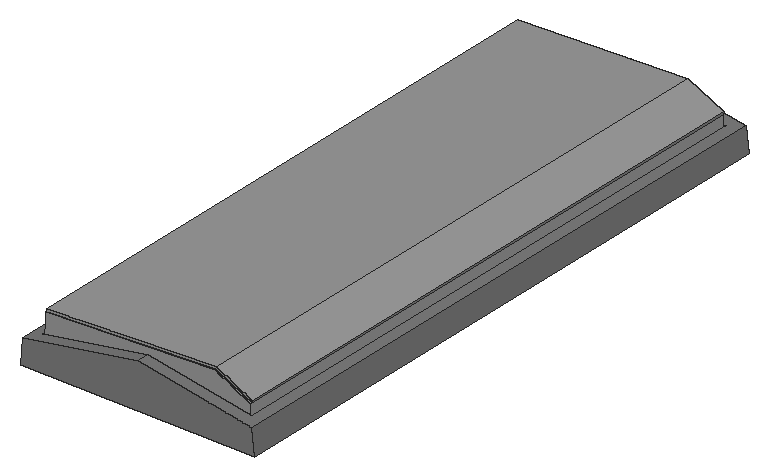
Revit family "JC KONTAKTER JCK107 FI", category Specialty Equipment, host Face, Revit 2025
Family settings
  Host = Face
  Round Connector Dimension = Use Diameter
  Part Type = Normal
  Enable Cutting in Views = Yes
  Cut with Voids When Loaded = No
  Maintain Annotation Orientation = Yes
  Shared = No
  Room Calculation Point = No
Parameters (values of type "JCK107")
  Valmistusmaa = "Ruotsi"
  URL = "https://www.jckontakter.fi/produkt/kyynarkytkin/kyynarkytkin-muovi/kyynarkytkin-jck107/"
  Tuotteen paino = "0.321 kg"
  Tekniken tuotekortti = "https://www.jckontakter.fi/wp-content/uploads/sites/4/Tekninen-tuotekortti_JCK107_FI.pdf"
  Pienin nimellisvirta = "12V Resistiivinen 6A Induktiivinen L/R 5ms 6A, 24V Resistiivinen 6A Induktiivinen L/R 5ms 5A"
  Painiketta = Ruostumattomasta teräksestä
  Nimellisestä nimellisvirrasta = "1mA/4 V DC"
  Model = "JCK107"
  Mikrokytkin = "Standar NO IP67"
  Mikrokytkimien määrä = 1
  Manufacturer = "JC Kontakter"
  Kansi = ABS 750SW (hopean värinen)
  Description = "Tämä kyynärkytkin on valmistettu iskunkestävästä ABS-muovista ja siinä on litteä kosketuspinta. Tässä mallissa on vaaleanharmaa kosketuspinta, ruostumattomasta teräksestä valmistettu etulevy ja vaaleanharmaa runko. Se on ensisijaisesti suunniteltu sisäkäyttöön, mutta voidaan käyttää myös ulkona, sillä se on varustettu kosteudenkestävällä mikrokytkimellä, jonka IP-luokka on 67."
  Default Elevation = 800 mm
  Kotelo = ABS 750SW (tumman harmaa)
  CE asiakirja = "https://jckontakter.se/wp-content/uploads/CE_Dokument.pdf"
Reference planes
  plane 1 "Center (Front/Back)": y = 0
  plane 2: z = 0
  plane 3 "Center (Left/Right)": x = 0
  plane 4 "A": y = -122.5
Lines and regions (mm)
  symbolic lines
    curve 1: line (-50, 0, 50) -> (50, 0, 50)
    curve 2: line (-50, 0, 0) -> (-50, 0, 50)
    curve 3: line (50, 0, 0) -> (-50, 0, 0)
    curve 4: line (50, 0, 50) -> (50, 0, 0)
    curve 5: line (-40, 117.5, 0) -> (40, 117.5, 0)
    curve 6: line (-40, -122.5, 0) -> (-40, 117.5, 0)
    curve 7: line (40, -122.5, 0) -> (-40, -122.5, 0)
    curve 8: line (40, 117.5, 0) -> (40, -122.5, 0)
Text (mm)
  text "Poista tämä tunniste ennen käyttöä.\n\nSijoitusohjeet:\n\n1. Lataa projektiin.\n2. Vie kursori sen pinnan päälle, johon perhe tullaan sijoittamaan.\n3. Jos perhe näkyy kiertyneenä, valitse asetus \"kierrä sijoittamisen jälkeen\".\n4. Napsauta haluttua pintaa.\n5. Kirjoita haluttu kulma.\n6. Paina Enter." at (123.173, 1072.34, 0), in view "Ref. Level"
Dimensions and locks
  aligned and locked: plane 2 to host face
  aligned and locked: level to host face
Nested families
  nested 1: "AK_107" at (0, -122.5, 0) x (1, 0, 0) z (0, 1, 0), type "AK_107"
Definition of nested family "AK_107"
  Parameters (values of type "AK_107")
    URL = "https://jckontakter.se/produkt/armbagskontakter-plast/armbagskontakt-jck107/"
    Model = "JCK107"  # constant formula
    Manufacturer = "JC Kontakter"  # constant formula
    Plate Finish = none
    Lid Finish = none
    Default Elevation = 1219.2 mm
    Core Finish = none
    Description = "JCK107 är en stilren armbågskontakt i tålig ABS-plast. Modell med plan tryckplatta i rostfri metall och mörkgrå underdel.\r\nJCK107 levereras med 1st mikrobrytare i IP67, men går även att beställa med fler."  # constant formula
  Reference planes
    plane 1 "Center (Front/Back)": y = 0
    plane 2: z = 0
    plane 3 "Center (Left/Right)": x = 0
    plane 4 "1": x = 47.5
    plane 5 "A": z = 5
    plane 6 "B": z = 245
  Forms (mm)
    Extrusion 1, solid, material <- "Core Finish"
      sketch origin (0, 0, 0) x (1, 0, 0) y (0, 1, 0)
        loop
          line (-47.5, 0) -> (-46.5, -10) -> (0, -18) -> (46.5, -10) -> (47.5, 0) -> (-47.5, 0)
      from 0 to 250
    Extrusion 2, void
      sketch origin (0, 0, 0) x (1, 0, 0) y (0, 1, 0)
        loop
          line (-42.5, -4) -> (-42.5, -18.223) -> (42.5, -18.223) -> (42.5, -4) -> (-42.5, -4)
      from 5 to 245
    Extrusion 3, solid, material <- "Lid Finish"
      sketch origin (0, 0, 5) x (-1, 0, 0) y (0, -1, 0)
        loop
          line (-42, 6) -> (42, 6) -> (41.473, 18.808) -> (-26.802, 21.808) -> (-41.637, 14.808) -> (-42, 6)
      from 0.5 to 239.5
    Extrusion 4, solid, material <- "Plate Finish"
      sketch origin (0, 0, 5) x (-1, 0, 0) y (0, -1, 0)
        loop
          line (41.473, 18.808) -> (41.517, 19.807) -> (-27.455, 22.838) -> (-42.064, 15.713) -> (-41.637, 14.808) -> (-26.802, 21.808) -> (41.473, 18.808)
      from 1 to 239.5
  Cuts and joins
    Extrusion 2 cuts Extrusion 1
  Dimensions and locks
    aligned and locked: level to plane 2
